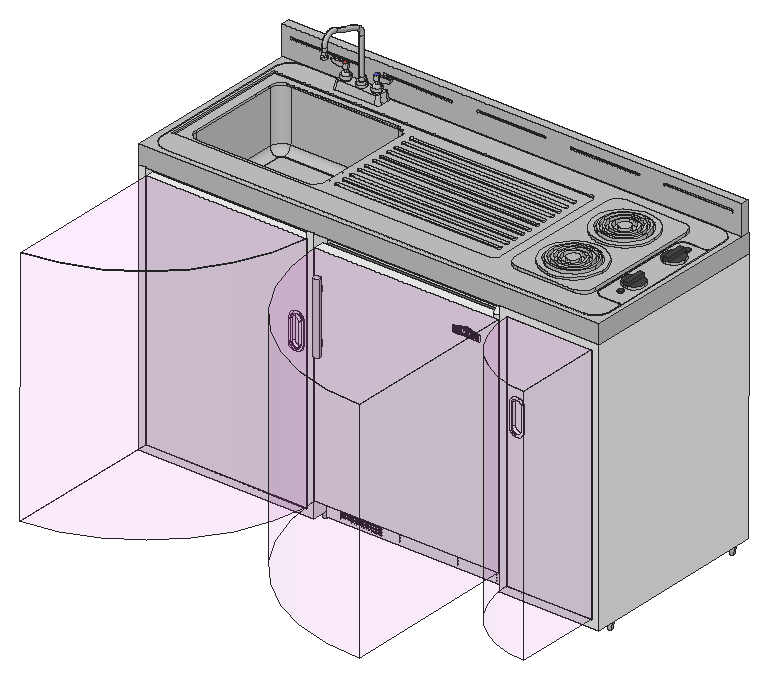
Revit family "QF_Summit_C60EL_Kitchenette", category Specialty Equipment, Revit 2020
Family settings
  Round Connector Dimension = Use Diameter
  Part Type = Normal
  Work Plane-Based = No
  Always vertical = Yes
  Cut with Voids When Loaded = No
  Shared = No
  Room Calculation Point = No
Parameters
  Weight in Pounds = 220
  Watts = Volts * FL Amps  # 2875 W
  Volts = 115 V
  URL Cutsheet = ""
  Specification by User = ""
  Specification by Manufacturer = ""
  Show LHD [instance] = no
  Show Legs [instance] = yes
  Show Clearance [instance] = yes
  Serial Number = ""
  Seismic Rating = ""
  SMACNA No = ""
  Revision Code = ""
  Refrigerant Volume = 0.00 kip
  Refrigerant Type = "R600a"
  Phase = 1
  Number of Poles = 1
  NAFEM Spec ID Number = ""
  Model = "C60EL"
  Min Ckt Ampacity = 0 A
  Max Overcurrent Protection = 0 A
  Masterspec = ""
  Manufacturer = "Summit"
  Length = 59 1/8"
  Item Number = ""
  Installed By = ""
  Identify Quantity as Lot = yes
  Height = 40"
  HP = ""
  Furnished By = ""
  Foodservice Equipment Identifier = yes
  FL Amps = 25 A
  Electrical Remarks = ""
  Electric Connection Type = ""
  Elec Conn RI Height = 0"
  Elec Conn Connection Height = 0"
  Description = "Kichenette"
  Depth = 24"
  Default Elevation = 0"
  Cycle = 60 Hz
  Conn Plug = ""
  Conn Conduit = yes
  CSI MasterFormat = ""
  BTUH = 0.0 Btu/h
  Apparent Power = if(Phase = 3, Volts * FL Amps * 1.73, Volts * FL Amps)  # 2875 VA
Reference planes (in)
  plane 1 "BACK": y = 0
  plane 2: z = 0
  plane 3 "LEFT": x = 0
  plane 4 "RIGHT": x = 59.125
  plane 5 "FRONT": y = -24
  plane 6 "TOP": z = 40
  plane 7 "Center Y": x = 29.5625
  plane 8 "Center X": y = -12
  plane 9: z = 36.25
  plane 10: z = 33.875
  plane 11: z = 1
  plane 12: z = 20.875
  plane 13: z = 45.75
  plane 14: y = -1
  plane 15: y = -44.25
  plane 16: z = 36
  plane 17: x = 22.5
  plane 18: x = 46.375
  plane 19: z = 28
Forms (in)
  Extrusion 1, solid, material "QF_Metal_Stainless_Polished", not visible
    sketch origin (-2.35752, -180, 36.125) x (-1, 0, 0) y (0, -1, 0)
      loop
        arc (-22.23899, -177.1607) -> (-21.17833, -176.72136) -> (-20.73899, -175.6607) r 1.5
        line (-20.73899, -175.6607) -> (-20.73899, -161.09285)
        arc (-20.73899, -161.09285) -> (-21.17833, -160.03219) -> (-22.23899, -159.59285) r 1.5
        line (-22.23899, -159.59285) -> (-29.49672, -159.59285)
        arc (-29.49672, -159.59285) -> (-30.55738, -160.03219) -> (-30.99672, -161.09285) r 1.5
        line (-30.99672, -161.09285) -> (-30.99672, -175.6607)
        arc (-30.99672, -175.6607) -> (-30.55738, -176.72136) -> (-29.49672, -177.1607) r 1.5
        line (-29.49672, -177.1607) -> (-22.23899, -177.1607)
    from 0 to 0.42639
  Extrusion 2, solid, material "QF_Metal_Stainless_Polished", not visible
    sketch origin (-2.35752, -180, 36.55139) x (-1, 0, 0) y (0, -1, 0)
      loop
        circle (-25.84717, -164.0404) r 3.75
      loop
        circle (-25.84717, -164.0404) r 3.14413
      loop
        circle (-25.84717, -172.3346) r 3.75
      loop
        circle (-25.84717, -172.3346) r 3.14413
    from 0 to 0.25
  Extrusion 3, solid, material "QF_Metal_Stainless_Polished", not visible
    sketch origin (-2.35752, -180, 36.80139) x (-1, 0, 0) y (0, -1, 0)
      loop
        circle (-25.84717, -164.0404) r 2.84153
      loop
        circle (-25.84717, -164.0404) r 2.64726
      loop
        circle (-25.84717, -164.0404) r 2.25
      loop
        circle (-25.84717, -164.0404) r 2
      loop
        circle (-25.84717, -164.0404) r 1.5838
      loop
        circle (-25.84717, -164.0404) r 1.34637
      loop
        circle (-25.84717, -164.0404) r 0.75
      loop
        circle (-25.84717, -172.3346) r 2.84153
      loop
        circle (-25.84717, -172.3346) r 2.64726
      loop
        circle (-25.84717, -172.3346) r 2.25
      loop
        circle (-25.84717, -172.3346) r 2
      loop
        circle (-25.84717, -172.3346) r 1.5838
      loop
        circle (-25.84717, -172.3346) r 1.34637
      loop
        circle (-25.84717, -172.3346) r 0.75
    from -0.25 to 0.25
  Extrusion 4, solid, material "QF_Metal_Stainless_Polished"
    sketch origin (-11.06091, -180, 36.25) x (-1, 0, 0) y (0, -1, 0)
      loop
        line (-11.06091, -180) -> (-11.06091, -156) -> (-70.18591, -156) -> (-70.18591, -180) -> (-11.06091, -180)
      loop
        line (-11.81091, -177) -> (-11.81091, -158.75)
        arc (-11.81091, -158.75) -> (-12.3967, -157.33579) -> (-13.81091, -156.75) r 2
        line (-13.81091, -156.75) -> (-67.43591, -156.75)
        arc (-67.43591, -156.75) -> (-68.85012, -157.33579) -> (-69.43591, -158.75) r 2
        line (-69.43591, -158.75) -> (-69.43591, -177)
        arc (-69.43591, -177) -> (-68.85012, -178.41421) -> (-67.43591, -179) r 2
        line (-67.43591, -179) -> (-13.81091, -179)
        arc (-13.81091, -179) -> (-12.3967, -178.41421) -> (-11.81091, -177) r 2
    from 0 to -2.375
  Extrusion 5, solid, material "QF_Metal_Stainless_Polished"
    sketch origin (-2.35752, -180, 36) x (-1, 0, 0) y (0, -1, 0)
      loop
        line (-3.56275, -176.20889) -> (-3.56275, -159.83389) -> (-44.18775, -159.83389)
        arc (-44.18775, -159.83389) -> (-44.89485, -160.12678) -> (-45.18775, -160.83389) r 1
        line (-45.18775, -160.83389) -> (-45.18775, -175.20889)
        arc (-45.18775, -175.20889) -> (-44.89485, -175.916) -> (-44.18775, -176.20889) r 1
        line (-44.18775, -176.20889) -> (-3.56275, -176.20889)
      loop
        line (-20.09109, -175.375) -> (-6.34109, -175.375)
        arc (-6.34109, -175.375) -> (-5.28043, -174.93566) -> (-4.84109, -173.875) r 1.5
        line (-4.84109, -173.875) -> (-4.84109, -162)
        arc (-4.84109, -162) -> (-5.28043, -160.93934) -> (-6.34109, -160.5) r 1.5
        line (-6.34109, -160.5) -> (-20.09109, -160.5)
        arc (-20.09109, -160.5) -> (-21.15175, -160.93934) -> (-21.59109, -162) r 1.5
        line (-21.59109, -162) -> (-21.59109, -173.875)
        arc (-21.59109, -173.875) -> (-21.15175, -174.93566) -> (-20.09109, -175.375) r 1.5
    from 0 to -0.25
  Extrusion 6, solid, material "QF_Metal_Stainless_Polished"
    sketch origin (-2.35752, -178, 36) x (-1, 0, 0) y (0, -1, 0)
      loop
        line (-44.18775, -174.20889) -> (-3.56275, -174.20889) -> (-3.56275, -157.83389) -> (-44.18775, -157.83389)
        arc (-44.18775, -157.83389) -> (-44.89485, -158.12678) -> (-45.18775, -158.83389) r 1
        line (-45.18775, -158.83389) -> (-45.18775, -173.20889)
        arc (-45.18775, -173.20889) -> (-44.89485, -173.916) -> (-44.18775, -174.20889) r 1
      loop
        line (-3.10752, -175) -> (-3.10752, -156.75)
        arc (-3.10752, -156.75) -> (-3.69331, -155.33579) -> (-5.10752, -154.75) r 2
        line (-5.10752, -154.75) -> (-58.73252, -154.75)
        arc (-58.73252, -154.75) -> (-60.14674, -155.33579) -> (-60.73252, -156.75) r 2
        line (-60.73252, -156.75) -> (-60.73252, -175)
        arc (-60.73252, -175) -> (-60.14674, -176.41421) -> (-58.73252, -177) r 2
        line (-58.73252, -177) -> (-5.10752, -177)
        arc (-5.10752, -177) -> (-3.69331, -176.41421) -> (-3.10752, -175) r 2
    from 0 to -0.25
  Extrusion 7, solid, material "QF_Metal_Stainless_Polished"
    sketch origin (0.14248, -180, 36) x (-1, 0, 0) y (0, -1, 0)
      loop
        arc (-20.27666, -174.49159) -> (-20.06215, -174.27708) -> (-20.27666, -174.06256) r 0.21452
        line (-20.27666, -174.06256) -> (-41.1341, -174.06256)
        arc (-41.1341, -174.06256) -> (-41.34861, -174.27708) -> (-41.1341, -174.49159) r 0.21452
        line (-41.1341, -174.49159) -> (-20.27666, -174.49159)
      loop
        arc (-20.27666, -173.24159) -> (-20.06215, -173.02708) -> (-20.27666, -172.81256) r 0.21452
        line (-20.27666, -172.81256) -> (-41.1341, -172.81256)
        arc (-41.1341, -172.81256) -> (-41.34861, -173.02708) -> (-41.1341, -173.24159) r 0.21452
        line (-41.1341, -173.24159) -> (-20.27666, -173.24159)
      loop
        arc (-20.27666, -172.05409) -> (-20.06215, -171.83958) -> (-20.27666, -171.62506) r 0.21452
        line (-20.27666, -171.62506) -> (-41.1341, -171.62506)
        arc (-41.1341, -171.62506) -> (-41.34861, -171.83958) -> (-41.1341, -172.05409) r 0.21452
        line (-41.1341, -172.05409) -> (-20.27666, -172.05409)
      loop
        arc (-20.27666, -170.86659) -> (-20.06215, -170.65208) -> (-20.27666, -170.43756) r 0.21452
        line (-20.27666, -170.43756) -> (-41.1341, -170.43756)
        arc (-41.1341, -170.43756) -> (-41.34861, -170.65208) -> (-41.1341, -170.86659) r 0.21452
        line (-41.1341, -170.86659) -> (-20.27666, -170.86659)
      loop
        arc (-20.27666, -169.67909) -> (-20.06215, -169.46458) -> (-20.27666, -169.25006) r 0.21452
        line (-20.27666, -169.25006) -> (-41.1341, -169.25006)
        arc (-41.1341, -169.25006) -> (-41.34861, -169.46458) -> (-41.1341, -169.67909) r 0.21452
        line (-41.1341, -169.67909) -> (-20.27666, -169.67909)
      loop
        arc (-20.27666, -168.55409) -> (-20.06215, -168.33958) -> (-20.27666, -168.12506) r 0.21452
        line (-20.27666, -168.12506) -> (-41.1341, -168.12506)
        arc (-41.1341, -168.12506) -> (-41.34861, -168.33958) -> (-41.1341, -168.55409) r 0.21452
        line (-41.1341, -168.55409) -> (-20.27666, -168.55409)
      loop
        arc (-20.27666, -167.30409) -> (-20.06215, -167.08958) -> (-20.27666, -166.87506) r 0.21452
        line (-20.27666, -166.87506) -> (-41.1341, -166.87506)
        arc (-41.1341, -166.87506) -> (-41.34861, -167.08958) -> (-41.1341, -167.30409) r 0.21452
        line (-41.1341, -167.30409) -> (-20.27666, -167.30409)
      loop
        arc (-20.27666, -166.17909) -> (-20.06215, -165.96458) -> (-20.27666, -165.75006) r 0.21452
        line (-20.27666, -165.75006) -> (-41.1341, -165.75006)
        arc (-41.1341, -165.75006) -> (-41.34861, -165.96458) -> (-41.1341, -166.17909) r 0.21452
        line (-41.1341, -166.17909) -> (-20.27666, -166.17909)
      loop
        arc (-20.27666, -164.92909) -> (-20.06215, -164.71458) -> (-20.27666, -164.50006) r 0.21452
        line (-20.27666, -164.50006) -> (-41.1341, -164.50006)
        arc (-41.1341, -164.50006) -> (-41.34861, -164.71458) -> (-41.1341, -164.92909) r 0.21452
        line (-41.1341, -164.92909) -> (-20.27666, -164.92909)
      loop
        arc (-20.27666, -163.74159) -> (-20.06215, -163.52708) -> (-20.27666, -163.31256) r 0.21452
        line (-20.27666, -163.31256) -> (-41.1341, -163.31256)
        arc (-41.1341, -163.31256) -> (-41.34861, -163.52708) -> (-41.1341, -163.74159) r 0.21452
        line (-41.1341, -163.74159) -> (-20.27666, -163.74159)
      loop
        arc (-20.27666, -162.55409) -> (-20.06215, -162.33958) -> (-20.27666, -162.12506) r 0.21452
        line (-20.27666, -162.12506) -> (-41.1341, -162.12506)
        arc (-41.1341, -162.12506) -> (-41.34861, -162.33958) -> (-41.1341, -162.55409) r 0.21452
        line (-41.1341, -162.55409) -> (-20.27666, -162.55409)
    from 0 to 0.0625
  Extrusion 8, solid, material "QF_Metal_Stainless_Polished"
    sketch origin (-11.06091, -180, 36.25) x (-1, 0, 0) y (0, -1, 0)
      loop
        line (-11.06091, -180) -> (-11.06091, -179) -> (-70.18591, -179) -> (-70.18591, -180) -> (-11.06091, -180)
    from 0 to 3.75
  Sweep 9, solid, material "QF_Metal_Stainless_Polished"
    path origin (0, 0, 0) x (1, 0, 0) y (0, 1, 0)
      loop
        arc (2.48357, -18) -> (2.92291, -19.06066) -> (3.98357, -19.5) r 1.5
        line (3.98357, -19.5) -> (17.73357, -19.5)
        arc (17.73357, -19.5) -> (18.79423, -19.06066) -> (19.23357, -18) r 1.5
        line (19.23357, -18) -> (19.23357, -6.125)
        arc (19.23357, -6.125) -> (18.79423, -5.06434) -> (17.73357, -4.625) r 1.5
        line (17.73357, -4.625) -> (3.98357, -4.625)
        arc (3.98357, -4.625) -> (2.92291, -5.06434) -> (2.48357, -6.125) r 1.5
        line (2.48357, -6.125) -> (2.48357, -18)
    profile origin (2.48357, -12.0625, 0) x (-1, 0, 0) y (0, 0, 1)
      loop
        line (0, 35.875) -> (0, 29.0625)
        arc (0, 29.0625) -> (-0.29289, 28.35539) -> (-1, 28.0625) r 1
        line (-1, 28.0625) -> (-1, 28)
        arc (-1, 28) -> (-0.2487, 28.3112) -> (0.0625, 29.0625) r 1.0625
        line (0.0625, 29.0625) -> (0.0625, 35.875) -> (0, 35.875)
  Extrusion 10, void
    sketch origin (47.25, -1, 36.25) x (-1, 0, 0) y (0, 0, -1)
      loop
        arc (21.99608, -2.70577) -> (22.16796, -2.5339) -> (21.99608, -2.36202) r 0.17188
        line (21.99608, -2.36202) -> (13.37892, -2.36202)
        arc (13.37892, -2.36202) -> (13.20704, -2.5339) -> (13.37892, -2.70577) r 0.17188
        line (13.37892, -2.70577) -> (21.99608, -2.70577)
      loop
        arc (-2.03206, -2.70577) -> (-1.86018, -2.5339) -> (-2.03206, -2.36202) r 0.17188
        line (-2.03206, -2.36202) -> (-10.64922, -2.36202)
        arc (-10.64922, -2.36202) -> (-10.8211, -2.5339) -> (-10.64922, -2.70577) r 0.17188
        line (-10.64922, -2.70577) -> (-2.03206, -2.70577)
      loop
        arc (9.98201, -2.70577) -> (10.15389, -2.5339) -> (9.98201, -2.36202) r 0.17188
        line (9.98201, -2.36202) -> (1.36485, -2.36202)
        arc (1.36485, -2.36202) -> (1.19297, -2.5339) -> (1.36485, -2.70577) r 0.17188
        line (1.36485, -2.70577) -> (9.98201, -2.70577)
      loop
        line (37.40706, -2.70577) -> (46.02422, -2.70577)
        arc (46.02422, -2.70577) -> (46.1961, -2.5339) -> (46.02422, -2.36202) r 0.17188
        line (46.02422, -2.36202) -> (37.40706, -2.36202)
        arc (37.40706, -2.36202) -> (37.23518, -2.5339) -> (37.40706, -2.70577) r 0.17188
      loop
        line (25.39299, -2.70577) -> (34.01015, -2.70577)
        arc (34.01015, -2.70577) -> (34.18203, -2.5339) -> (34.01015, -2.36202) r 0.17188
        line (34.01015, -2.36202) -> (25.39299, -2.36202)
        arc (25.39299, -2.36202) -> (25.22111, -2.5339) -> (25.39299, -2.70577) r 0.17188
    from 0.25 to -0.25
  Extrusion 11, solid, material "QF_Plastic_White_Smooth"
    sketch origin (-11.06091, -180, 1) x (-1, 0, 0) y (0, -1, 0)
      loop
        line (-11.06091, -180) -> (-11.06091, -156) -> (-11.93591, -156) -> (-11.93591, -179.125) -> (-32.68591, -179.125) -> (-32.68591, -156) -> (-33.56091, -156) -> (-33.56091, -180) -> (-11.06091, -180)
      loop
        line (-58.31091, -156) -> (-58.31091, -179.125) -> (-69.31091, -179.125) -> (-69.31091, -156) -> (-70.18591, -156) -> (-70.18591, -180) -> (-57.43591, -180) -> (-57.43591, -156) -> (-58.31091, -156)
    from 0 to 32.875
  Extrusion 12, solid, material "QF_Plastic_White_Smooth"
    sketch origin (0.875, -0.875, 1) x (1, 0, 0) y (0, 0, 1)
      loop
        line (0, 0) -> (20.75, 0) -> (20.75, 0.875) -> (0, 0.875) -> (0, 0)
    from 0 to 23.125
  Extrusion 13, solid, material "QF_Plastic_White_Smooth"
    sketch origin (0.875, -24, 1) x (-1, 0, 0) y (0, 0, -1)
      loop
        line (-0.0625, -0.9375) -> (-20.6875, -0.9375) -> (-20.6875, -31.9375) -> (-0.0625, -31.9375) -> (-0.0625, -0.9375)
    from 0 to -1
  Extrusion 14, void
    sketch origin (13.75, -24, 1) x (-1, 0, 0) y (0, 0, -1)
      loop
        arc (-5.85467, -19.50639) -> (-6.51553, -18.84553) -> (-7.17639, -19.50639) r 0.66086
        line (-7.17639, -19.50639) -> (-7.17639, -22.2536)
        arc (-7.17639, -22.2536) -> (-6.51553, -22.91446) -> (-5.85467, -22.2536) r 0.66086
        line (-5.85467, -22.2536) -> (-5.85467, -19.50639)
    from 0.5 to -0.5009
  Extrusion 15, solid, material "QF_Plastic_White_Smooth"
    sketch origin (13.75, -24, 1) x (-1, 0, 0) y (0, 0, -1)
      loop
        arc (-7.17639, -22.2536) -> (-6.51553, -22.91446) -> (-5.85467, -22.2536) r 0.66086
        line (-5.85467, -22.2536) -> (-5.85467, -19.50639)
        arc (-5.85467, -19.50639) -> (-6.51553, -18.84553) -> (-7.17639, -19.50639) r 0.66086
        line (-7.17639, -19.50639) -> (-7.17639, -22.2536)
      loop
        arc (-7.42639, -22.2536) -> (-6.51553, -23.16446) -> (-5.60467, -22.2536) r 0.91086
        line (-5.60467, -22.2536) -> (-5.60467, -19.50639)
        arc (-5.60467, -19.50639) -> (-6.51553, -18.59553) -> (-7.42639, -19.50639) r 0.91086
        line (-7.42639, -19.50639) -> (-7.42639, -22.2536)
    from 0 to 0.0625
  Extrusion 16, solid, material "QF_Metal_Stainless_Polished"
    sketch origin (4.52411, 0, 36.25) x (1, 0, 0) y (0, 0, -1)
      loop
        circle (52.60573, 33.21044) r 0.125
    from 0 to 0.25
  Revolve 17, solid, material "QF_Metal_Stainless_Polished", visible <- "Show Legs"
    sketch origin (0, -2, 0) x (1, 0, 0) y (0, 0, 1)
      loop
        line (46.8125, 1) -> (46.8125, 0) -> (47.03274, 0) -> (47.19216, 1) -> (46.8125, 1)
      axis (46.8125, 1) -> (46.8125, 0)
    angle from 0 to 360
  Revolve 18, solid, material "QF_Metal_Stainless_Polished", visible <- "Show Legs"
    sketch origin (0, -21.625, 0) x (1, 0, 0) y (0, 0, 1)
      loop
        line (46.8125, 1) -> (46.8125, 0) -> (47.03274, 0) -> (47.19216, 1) -> (46.8125, 1)
      axis (46.8125, 1) -> (46.8125, 0)
    angle from 0 to 360
  Revolve 19, solid, material "QF_Metal_Stainless_Polished", visible <- "Show Legs"
    sketch origin (-29.125, -2, 0) x (1, 0, 0) y (0, 0, 1)
      loop
        line (29.5625, 1) -> (29.5625, 0) -> (29.78274, 0) -> (29.94216, 1) -> (29.5625, 1)
      axis (29.5625, 1) -> (29.5625, 0)
    angle from 0 to 360
  Revolve 20, solid, material "QF_Metal_Stainless_Polished", visible <- "Show Legs"
    sketch origin (-29.125, -21.625, 0) x (1, 0, 0) y (0, 0, 1)
      loop
        line (29.5625, 1) -> (29.5625, 0) -> (29.78274, 0) -> (29.94216, 1) -> (29.5625, 1)
      axis (29.5625, 1) -> (29.5625, 0)
    angle from 0 to 360
  Extrusion 21, solid, material "QF_Metal_Stainless_Polished"
    sketch origin (-2.35752, -178, 36) x (-1, 0, 0) y (0, -1, 0)
      loop
        arc (-5.10752, -177) -> (-3.69331, -176.41421) -> (-3.10752, -175) r 2
        line (-3.10752, -175) -> (-3.10752, -156.75)
        arc (-3.10752, -156.75) -> (-3.69331, -155.33579) -> (-5.10752, -154.75) r 2
        line (-5.10752, -154.75) -> (-58.73252, -154.75)
        arc (-58.73252, -154.75) -> (-60.14674, -155.33579) -> (-60.73252, -156.75) r 2
        line (-60.73252, -156.75) -> (-60.73252, -158.09658)
        arc (-60.73252, -158.09658) -> (-60.58608, -158.45013) -> (-60.23252, -158.59658) r 0.5
        line (-60.23252, -158.59658) -> (-58.14422, -158.59658)
        arc (-58.14422, -158.59658) -> (-57.43711, -158.88947) -> (-57.14422, -159.59658) r 1
        line (-57.14422, -159.59658) -> (-57.14422, -171.59653)
        arc (-57.14422, -171.59653) -> (-57.43711, -172.30364) -> (-58.14422, -172.59653) r 1
        line (-58.14422, -172.59653) -> (-60.23252, -172.59653)
        arc (-60.23252, -172.59653) -> (-60.58608, -172.74298) -> (-60.73252, -173.09653) r 0.5
        line (-60.73252, -173.09653) -> (-60.73252, -175)
        arc (-60.73252, -175) -> (-60.14674, -176.41421) -> (-58.73252, -177) r 2
        line (-58.73252, -177) -> (-5.10752, -177)
      loop
        line (-3.56275, -174.20889) -> (-3.56275, -157.83389) -> (-44.18775, -157.83389)
        arc (-44.18775, -157.83389) -> (-44.89485, -158.12678) -> (-45.18775, -158.83389) r 1
        line (-45.18775, -158.83389) -> (-45.18775, -173.20889)
        arc (-45.18775, -173.20889) -> (-44.89485, -173.916) -> (-44.18775, -174.20889) r 1
        line (-44.18775, -174.20889) -> (-3.56275, -174.20889)
      loop
        arc (-48.13649, -175.1607) -> (-47.07583, -174.72136) -> (-46.63649, -173.6607) r 1.5
        line (-46.63649, -173.6607) -> (-46.63649, -159.09285)
        arc (-46.63649, -159.09285) -> (-47.07583, -158.03219) -> (-48.13649, -157.59285) r 1.5
        line (-48.13649, -157.59285) -> (-55.39422, -157.59285)
        arc (-55.39422, -157.59285) -> (-56.45488, -158.03219) -> (-56.89422, -159.09285) r 1.5
        line (-56.89422, -159.09285) -> (-56.89422, -173.6607)
        arc (-56.89422, -173.6607) -> (-56.45488, -174.72136) -> (-55.39422, -175.1607) r 1.5
        line (-55.39422, -175.1607) -> (-48.13649, -175.1607)
    from 0 to 0.25
  Extrusion 22, solid, material "QF_Metal_Stainless_Polished"
    sketch origin (-10.31091, -180, 28.8125) x (0, -1, 0) y (-1, 0, 0)
      loop
        arc (-174.375, -28.04448) -> (-174.22855, -28.39804) -> (-173.875, -28.54448) r 0.5
        line (-173.875, -28.54448) -> (-162, -28.54448)
        arc (-162, -28.54448) -> (-161.64645, -28.39804) -> (-161.5, -28.04448) r 0.5
        line (-161.5, -28.04448) -> (-161.5, -14.29448)
        arc (-161.5, -14.29448) -> (-161.64645, -13.94093) -> (-162, -13.79448) r 0.5
        line (-162, -13.79448) -> (-173.875, -13.79448)
        arc (-173.875, -13.79448) -> (-174.22855, -13.94093) -> (-174.375, -14.29448) r 0.5
        line (-174.375, -14.29448) -> (-174.375, -28.04448)
      loop
        circle (-167.9375, -21.16948) r 1
    from 0.8125 to 0.75
  Extrusion 23, solid, material "QF_Metal_Stainless_Polished"
    sketch origin (0.64248, -178, 36) x (-1, 0, 0) y (0, -1, 0)
      loop
        arc (-54.14422, -159.59658) -> (-54.43711, -158.88947) -> (-55.14422, -158.59658) r 1
        line (-55.14422, -158.59658) -> (-57.23252, -158.59658)
        arc (-57.23252, -158.59658) -> (-57.58608, -158.45013) -> (-57.73252, -158.09658) r 0.5
        line (-57.73252, -158.09658) -> (-57.73252, -173.09653)
        arc (-57.73252, -173.09653) -> (-57.58608, -172.74298) -> (-57.23252, -172.59653) r 0.5
        line (-57.23252, -172.59653) -> (-55.14422, -172.59653)
        arc (-55.14422, -172.59653) -> (-54.43711, -172.30364) -> (-54.14422, -171.59653) r 1
        line (-54.14422, -171.59653) -> (-54.14422, -159.59658)
    from 0 to 0.25
  Extrusion 24, solid, material "QF_Metal_Stainless_Polished"
    sketch origin (19.51748, -180, 36) x (-1, 0, 0) y (0, -1, 0)
      loop
        line (-35.01922, -156.75) -> (-36.85752, -156.75)
        arc (-36.85752, -156.75) -> (-38.27174, -157.33579) -> (-38.85752, -158.75) r 2
        line (-38.85752, -158.75) -> (-38.85752, -160.09658)
        arc (-38.85752, -160.09658) -> (-38.71108, -160.45013) -> (-38.35752, -160.59658) r 0.5
        line (-38.35752, -160.59658) -> (-36.26922, -160.59658)
        arc (-36.26922, -160.59658) -> (-35.56211, -160.88947) -> (-35.26922, -161.59658) r 1
        line (-35.26922, -161.59658) -> (-35.26922, -173.59653)
        arc (-35.26922, -173.59653) -> (-35.56211, -174.30364) -> (-36.26922, -174.59653) r 1
        line (-36.26922, -174.59653) -> (-38.35752, -174.59653)
        arc (-38.35752, -174.59653) -> (-38.71108, -174.74298) -> (-38.85752, -175.09653) r 0.5
        line (-38.85752, -175.09653) -> (-38.85752, -177)
        arc (-38.85752, -177) -> (-38.27174, -178.41421) -> (-36.85752, -179) r 2
        line (-36.85752, -179) -> (-35.01922, -179) -> (-35.01922, -156.75)
    from 0 to -0.25
  Revolve 25, solid, material "QF_Metal_Stainless_Polished", visible <- "Show Legs"
    sketch origin (-16.5, -2, 0) x (1, 0, 0) y (0, 0, 1)
      loop
        line (38.5625, 1) -> (38.5625, 0) -> (38.78274, 0) -> (38.94216, 1) -> (38.5625, 1)
      axis (38.5625, 1) -> (38.5625, 0)
    angle from 0 to 360
  Revolve 26, solid, material "QF_Metal_Stainless_Polished", visible <- "Show Legs"
    sketch origin (-16.5, -21.625, 0) x (1, 0, 0) y (0, 0, 1)
      loop
        line (38.5625, 1) -> (38.5625, 0) -> (38.78274, 0) -> (38.94216, 1) -> (38.5625, 1)
      axis (38.5625, 1) -> (38.5625, 0)
    angle from 0 to 360
  Extrusion 27, solid, material "QF_Metal_Stainless_Polished"
    sketch origin (23.53998, -180, 36.125) x (-1, 0, 0) y (0, -1, 0)
      loop
        arc (-22.23899, -177.1607) -> (-21.17833, -176.72136) -> (-20.73899, -175.6607) r 1.5
        line (-20.73899, -175.6607) -> (-20.73899, -161.09285)
        arc (-20.73899, -161.09285) -> (-21.17833, -160.03219) -> (-22.23899, -159.59285) r 1.5
        line (-22.23899, -159.59285) -> (-29.49672, -159.59285)
        arc (-29.49672, -159.59285) -> (-30.55738, -160.03219) -> (-30.99672, -161.09285) r 1.5
        line (-30.99672, -161.09285) -> (-30.99672, -175.6607)
        arc (-30.99672, -175.6607) -> (-30.55738, -176.72136) -> (-29.49672, -177.1607) r 1.5
        line (-29.49672, -177.1607) -> (-22.23899, -177.1607)
    from 0 to 0.42639
  Extrusion 28, solid, material "QF_Metal_Stainless_Polished"
    sketch origin (23.53998, -180, 36.55139) x (-1, 0, 0) y (0, -1, 0)
      loop
        circle (-25.84717, -164.0404) r 3.75
      loop
        circle (-25.84717, -164.0404) r 3.14413
      loop
        circle (-25.84717, -172.3346) r 3.75
      loop
        circle (-25.84717, -172.3346) r 3.14413
    from 0 to 0.25
  Extrusion 29, solid, material "QF_Metal_Stainless_Polished"
    sketch origin (23.53998, -180, 36.80139) x (-1, 0, 0) y (0, -1, 0)
      loop
        circle (-25.84717, -164.0404) r 2.84153
      loop
        circle (-25.84717, -164.0404) r 2.64726
      loop
        circle (-25.84717, -164.0404) r 2.25
      loop
        circle (-25.84717, -164.0404) r 2
      loop
        circle (-25.84717, -164.0404) r 1.5838
      loop
        circle (-25.84717, -164.0404) r 1.34637
      loop
        circle (-25.84717, -164.0404) r 0.75
      loop
        circle (-25.84717, -172.3346) r 2.84153
      loop
        circle (-25.84717, -172.3346) r 2.64726
      loop
        circle (-25.84717, -172.3346) r 2.25
      loop
        circle (-25.84717, -172.3346) r 2
      loop
        circle (-25.84717, -172.3346) r 1.5838
      loop
        circle (-25.84717, -172.3346) r 1.34637
      loop
        circle (-25.84717, -172.3346) r 0.75
    from -0.25 to 0.25
  Extrusion 30, solid, material "QF_Metal_Stainless_Polished"
    sketch origin (0.14248, -178, 36.25) x (-1, 0, 0) y (0, -1, 0)
      loop
        circle (-56.47665, -169.23461) r 1.31391
      loop
        circle (-56.47665, -162.76539) r 1.31391
    from 0 to 0.25
  Extrusion 31, solid, material "QF_Plastic_Black_Smooth"
    sketch origin (0.14248, -178, 36.5) x (-1, 0, 0) y (0, -1, 0)
      loop
        line (-56.21103, -170.52139) -> (-56.21103, -167.94783)
        arc (-56.21103, -167.94783) -> (-56.47665, -167.9207) -> (-56.74228, -167.94783) r 1.31391
        line (-56.74228, -167.94783) -> (-56.74228, -170.52139)
        arc (-56.74228, -170.52139) -> (-56.47665, -170.54852) -> (-56.21103, -170.52139) r 1.31391
      loop
        line (-56.21103, -164.05217) -> (-56.21103, -161.47861)
        arc (-56.21103, -161.47861) -> (-56.47665, -161.45148) -> (-56.74228, -161.47861) r 1.31391
        line (-56.74228, -161.47861) -> (-56.74228, -164.05217)
        arc (-56.74228, -164.05217) -> (-56.47665, -164.0793) -> (-56.21103, -164.05217) r 1.31391
    from 0 to 0.5
  Extrusion 32, solid, material "QF_Plastic_Black_Smooth"
    sketch origin (0.14248, -178, 36.25) x (-1, 0, 0) y (0, -1, 0)
      loop
        circle (-56.46353, -171.35138) r 0.34597
      loop
        circle (-56.46353, -160.64862) r 0.34597
    from 0 to 0.0625
  Extrusion 33, solid, material "QF_Clearances_Door_Drawer", visible <- "Show Clearance"
    sketch origin (17.8125, -24, 1.9375) x (0, 1, 0) y (1, 0, 0)
      loop
        line (0, -16.875) -> (0, 3.75)
        arc (0, 3.75) -> (-13.90828, -2.84801) -> (-20.25, -16.875) r 22.34781
        line (-20.25, -16.875) -> (0, -16.875)
    from 0 to -31
  Extrusion 34, solid, material "QF_Plastic_White_Smooth"
    sketch origin (58.25, -0.875, 1) x (-1, 0, 0) y (0, 0, -1)
      loop
        line (0, 0) -> (0, -0.875) -> (11, -0.875) -> (11, 0) -> (0, 0)
    from 0 to 23.125
  Extrusion 35, solid, material "QF_Plastic_White_Smooth"
    sketch origin (58.25, -24, 1) x (1, 0, 0) y (0, 0, 1)
      loop
        line (0, 32.875) -> (-11, 32.875) -> (-11, 32) -> (0, 32) -> (0, 32.875)
    from 0 to -1
  Extrusion 36, solid, material "QF_Plastic_White_Smooth"
    sketch origin (68, -24, 1) x (1, 0, 0) y (0, 0, 1)
      loop
        line (-9.8125, 0.9375) -> (-9.8125, 31.9375) -> (-20.6875, 31.9375) -> (-20.6875, 0.9375) -> (-9.8125, 0.9375)
    from 0 to -1
  Extrusion 37, void
    sketch origin (55.125, -24, 1) x (1, 0, 0) y (0, 0, 1)
      loop
        line (-5.85467, 19.50639) -> (-5.85467, 22.2536)
        arc (-5.85467, 22.2536) -> (-6.51553, 22.91446) -> (-7.17639, 22.2536) r 0.66086
        line (-7.17639, 22.2536) -> (-7.17639, 19.50639)
        arc (-7.17639, 19.50639) -> (-6.51553, 18.84553) -> (-5.85467, 19.50639) r 0.66086
    from 0.5 to -0.5009
  Extrusion 38, solid, material "QF_Plastic_White_Smooth"
    sketch origin (55.125, -24, 1) x (1, 0, 0) y (0, 0, 1)
      loop
        line (-7.17639, 22.2536) -> (-7.17639, 19.50639)
        arc (-7.17639, 19.50639) -> (-6.51553, 18.84553) -> (-5.85467, 19.50639) r 0.66086
        line (-5.85467, 19.50639) -> (-5.85467, 22.2536)
        arc (-5.85467, 22.2536) -> (-6.51553, 22.91446) -> (-7.17639, 22.2536) r 0.66086
      loop
        line (-7.42639, 22.2536) -> (-7.42639, 19.50639)
        arc (-7.42639, 19.50639) -> (-6.51553, 18.59553) -> (-5.60467, 19.50639) r 0.91086
        line (-5.60467, 19.50639) -> (-5.60467, 22.2536)
        arc (-5.60467, 22.2536) -> (-6.51553, 23.16446) -> (-7.42639, 22.2536) r 0.91086
    from 0 to 0.0625
  Revolve 39, solid, material "QF_Metal_Stainless_Polished", visible <- "Show Legs"
    sketch origin (11.875, -2, 0) x (1, 0, 0) y (0, 0, 1)
      loop
        line (46.8125, 1) -> (46.8125, 0) -> (47.03274, 0) -> (47.19216, 1) -> (46.8125, 1)
      axis (46.8125, 1) -> (46.8125, 0)
    angle from 0 to 360
  Revolve 40, solid, material "QF_Metal_Stainless_Polished", visible <- "Show Legs"
    sketch origin (11.875, -21.625, 0) x (1, 0, 0) y (0, 0, 1)
      loop
        line (46.8125, 1) -> (46.8125, 0) -> (47.03274, 0) -> (47.19216, 1) -> (46.8125, 1)
      axis (46.8125, 1) -> (46.8125, 0)
    angle from 0 to 360
  Extrusion 41, solid, material "QF_Clearances_Door_Drawer", visible <- "Show Clearance"
    sketch origin (51.0625, -24, 1.9375) x (0, -1, 0) y (-1, 0, 0)
      loop
        line (0, -7.125) -> (10.875, -7.125)
        arc (10.875, -7.125) -> (7.68979, 0.56479) -> (0, 3.75) r 10.875
        line (0, 3.75) -> (0, -7.125)
    from 0 to -31
  Extrusion 42, solid, material "QF_Plastic_White_Smooth"
    sketch origin (0, 0, 1) x (1, 0, 0) y (0, 0, -1)
      loop
        line (22.5, -4.75) -> (46.375, -4.75) -> (46.375, 0) -> (22.5, 0) -> (22.5, -4.75)
      loop
        line (46.375, -28.125) -> (22.5, -28.125) -> (22.5, -32.875) -> (46.375, -32.875) -> (46.375, -28.125)
    from 0 to -0.875
Cuts and joins
  Extrusion 10 cuts Extrusion 8
  Extrusion 14, Extrusion 37 cuts Extrusion 13
  Extrusion 14, Extrusion 37 cuts Extrusion 15
  Extrusion 14, Extrusion 37 cuts Extrusion 33
  joined: Extrusion 11, Extrusion 12, Extrusion 34, Extrusion 35, Extrusion 42
  Extrusion 37 cuts Extrusion 36
  Extrusion 37 cuts Extrusion 38
Lines and regions (in)
  symbolic lines
    curve 1: line (0, 0, 0) -> (0, -24, 0)
    curve 2: line (59.125, 0, 0) -> (0, 0, 0)
    curve 3: line (0, -1, 0) -> (59.125, -1, 0)
    curve 4: line (0, -24, 0) -> (59.125, -24, 0)
    curve 5: arc (0.75, -21.25, 0) -> (1.33579, -22.66421, 0) -> (2.75, -23.25, 0) r 2
    curve 6: line (2.75, -23.25, 0) -> (56.375, -23.25, 0)
    curve 7: arc (2.75, -1, 0) -> (1.33579, -1.58579, 0) -> (0.75, -3, 0) r 2
    curve 8: line (0.75, -3, 0) -> (0.75, -21.25, 0)
    curve 9: line (1.20523, -20.16611, 0) -> (1.20523, -3.79111, 0)
    curve 10: line (1.20523, -3.79111, 0) -> (10.67337, -3.79111, 0)
    curve 11: line (41.83023, -20.16611, 0) -> (1.20523, -20.16611, 0)
    curve 12: arc (3.98357, -19.5, 0) -> (2.92291, -19.06066, 0) -> (2.48357, -18, 0) r 1.5
    curve 13: line (2.48357, -18, 0) -> (2.48357, -6.125, 0)
    curve 14: arc (2.48357, -6.125, 0) -> (2.92291, -5.06434, 0) -> (3.98357, -4.625, 0) r 1.5
    curve 15: line (3.98357, -4.625, 0) -> (10.67337, -4.625, 0)
    curve 16: arc (17.73357, -4.625, 0) -> (18.79423, -5.06434, 0) -> (19.23357, -6.125, 0) r 1.5
    curve 17: line (19.23357, -6.125, 0) -> (19.23357, -18, 0)
    curve 18: arc (19.23357, -18, 0) -> (18.79423, -19.06066, 0) -> (17.73357, -19.5, 0) r 1.5
    curve 19: line (17.73357, -19.5, 0) -> (3.98357, -19.5, 0)
    curve 20: arc (3.48357, -18, 0) -> (3.63002, -18.35355, 0) -> (3.98357, -18.5, 0) r 0.5
    curve 21: line (3.98357, -18.5, 0) -> (17.73357, -18.5, 0)
    curve 22: arc (17.73357, -18.5, 0) -> (18.08713, -18.35355, 0) -> (18.23357, -18, 0) r 0.5
    curve 23: line (18.23357, -18, 0) -> (18.23357, -6.125, 0)
    curve 24: arc (18.23357, -6.125, 0) -> (18.08713, -5.77145, 0) -> (17.73357, -5.625, 0) r 0.5
    curve 25: line (17.73357, -5.625, 0) -> (11.29837, -5.625, 0)
    curve 26: arc (3.98357, -5.625, 0) -> (3.63002, -5.77145, 0) -> (3.48357, -6.125, 0) r 0.5
    curve 27: line (3.48357, -6.125, 0) -> (3.48357, -18, 0)
    curve 28: arc (10.85857, -13.0625, 0) -> (9.85857, -12.0625, 0) -> (10.85857, -11.0625, 0) r 1
    curve 29: arc (10.85857, -13.0625, 0) -> (11.85857, -12.0625, 0) -> (10.85857, -11.0625, 0) r 1
    curve 30: line (20.41914, -5.93744, 0) -> (41.27658, -5.93744, 0)
    curve 31: line (41.27658, -5.50841, 0) -> (20.41914, -5.50841, 0)
    curve 32: arc (20.41914, -5.50841, 0) -> (20.20463, -5.72292, 0) -> (20.41914, -5.93744, 0) r 0.21452
    curve 33: line (41.27658, -6.75841, 0) -> (20.41914, -6.75841, 0)
    curve 34: arc (20.41914, -6.75841, 0) -> (20.20463, -6.97292, 0) -> (20.41914, -7.18744, 0) r 0.21452
    curve 35: line (20.41914, -7.18744, 0) -> (41.27658, -7.18744, 0)
    curve 36: line (41.27658, -7.94591, 0) -> (20.41914, -7.94591, 0)
    curve 37: arc (20.41914, -7.94591, 0) -> (20.20463, -8.16042, 0) -> (20.41914, -8.37494, 0) r 0.21452
    curve 38: line (20.41914, -8.37494, 0) -> (41.27658, -8.37494, 0)
    curve 39: line (41.27658, -9.13341, 0) -> (20.41914, -9.13341, 0)
    curve 40: arc (20.41914, -9.13341, 0) -> (20.20463, -9.34792, 0) -> (20.41914, -9.56244, 0) r 0.21452
    curve 41: line (20.41914, -9.56244, 0) -> (41.27658, -9.56244, 0)
    curve 42: line (41.27658, -10.32091, 0) -> (20.41914, -10.32091, 0)
    curve 43: arc (20.41914, -10.32091, 0) -> (20.20463, -10.53542, 0) -> (20.41914, -10.74994, 0) r 0.21452
    curve 44: line (20.41914, -10.74994, 0) -> (41.27658, -10.74994, 0)
    curve 45: line (41.27658, -11.44591, 0) -> (20.41914, -11.44591, 0)
    curve 46: arc (20.41914, -11.44591, 0) -> (20.20463, -11.66042, 0) -> (20.41914, -11.87494, 0) r 0.21452
    curve 47: line (20.41914, -11.87494, 0) -> (41.27658, -11.87494, 0)
    curve 48: line (41.27658, -12.69591, 0) -> (20.41914, -12.69591, 0)
    curve 49: arc (20.41914, -12.69591, 0) -> (20.20463, -12.91042, 0) -> (20.41914, -13.12494, 0) r 0.21452
    curve 50: line (20.41914, -13.12494, 0) -> (41.27658, -13.12494, 0)
    curve 51: line (41.27658, -13.82091, 0) -> (20.41914, -13.82091, 0)
    curve 52: arc (20.41914, -13.82091, 0) -> (20.20463, -14.03542, 0) -> (20.41914, -14.24994, 0) r 0.21452
    curve 53: line (20.41914, -14.24994, 0) -> (41.27658, -14.24994, 0)
    curve 54: line (41.27658, -15.07091, 0) -> (20.41914, -15.07091, 0)
    curve 55: arc (20.41914, -15.07091, 0) -> (20.20463, -15.28542, 0) -> (20.41914, -15.49994, 0) r 0.21452
    curve 56: line (20.41914, -15.49994, 0) -> (41.27658, -15.49994, 0)
    curve 57: line (41.27658, -16.25841, 0) -> (20.41914, -16.25841, 0)
    curve 58: arc (20.41914, -16.25841, 0) -> (20.20463, -16.47292, 0) -> (20.41914, -16.68744, 0) r 0.21452
    curve 59: line (20.41914, -16.68744, 0) -> (41.27658, -16.68744, 0)
    curve 60: line (41.27658, -17.44591, 0) -> (20.41914, -17.44591, 0)
    curve 61: arc (20.41914, -17.44591, 0) -> (20.20463, -17.66042, 0) -> (20.41914, -17.87494, 0) r 0.21452
    curve 62: line (20.41914, -17.87494, 0) -> (41.27658, -17.87494, 0)
    curve 63: line (11.29837, -4.625, 0) -> (17.73357, -4.625, 0)
    curve 64: line (10.67337, -5.625, 0) -> (3.98357, -5.625, 0)
    curve 67: arc (41.27658, -5.93744, 0) -> (41.49109, -5.72292, 0) -> (41.27658, -5.50841, 0) r 0.21452
    curve 68: arc (41.27658, -7.18744, 0) -> (41.49109, -6.97292, 0) -> (41.27658, -6.75841, 0) r 0.21452
    curve 69: arc (41.27658, -8.37494, 0) -> (41.49109, -8.16042, 0) -> (41.27658, -7.94591, 0) r 0.21452
    curve 70: arc (41.27658, -9.56244, 0) -> (41.49109, -9.34792, 0) -> (41.27658, -9.13341, 0) r 0.21452
    curve 71: arc (41.27658, -10.74994, 0) -> (41.49109, -10.53542, 0) -> (41.27658, -10.32091, 0) r 0.21452
    curve 72: arc (41.27658, -11.87494, 0) -> (41.49109, -11.66042, 0) -> (41.27658, -11.44591, 0) r 0.21452
    curve 73: arc (41.27658, -13.12494, 0) -> (41.49109, -12.91042, 0) -> (41.27658, -12.69591, 0) r 0.21452
    curve 74: arc (41.27658, -14.24994, 0) -> (41.49109, -14.03542, 0) -> (41.27658, -13.82091, 0) r 0.21452
    curve 75: arc (41.27658, -15.49994, 0) -> (41.49109, -15.28542, 0) -> (41.27658, -15.07091, 0) r 0.21452
    curve 76: arc (41.27658, -16.68744, 0) -> (41.49109, -16.47292, 0) -> (41.27658, -16.25841, 0) r 0.21452
    curve 77: arc (41.27658, -17.87494, 0) -> (41.49109, -17.66042, 0) -> (41.27658, -17.44591, 0) r 0.21452
    curve 78: arc (41.83023, -3.79111, 0) -> (42.53733, -4.084, 0) -> (42.83023, -4.79111, 0) r 1
    curve 79: line (42.83023, -4.79111, 0) -> (42.83023, -19.16611, 0)
    curve 80: arc (42.83023, -19.16611, 0) -> (42.53733, -19.87322, 0) -> (41.83023, -20.16611, 0) r 1
    curve 81: line (59.125, -24, 0) -> (59.125, 0, 0)
    curve 82: arc (56.375, -23.25, 0) -> (57.78921, -22.66421, 0) -> (58.375, -21.25, 0) r 2
    curve 83: line (58.375, -21.25, 0) -> (58.375, -19.90342, 0)
    curve 84: line (58.375, -19.90342, 0) -> (58.375, -4.90347, 0)
    curve 85: arc (57.875, -19.40342, 0) -> (58.22855, -19.54987, 0) -> (58.375, -19.90342, 0) r 0.5
    curve 86: line (55.78669, -19.40342, 0) -> (57.875, -19.40342, 0)
    curve 87: arc (54.78669, -18.40342, 0) -> (55.07959, -19.11053, 0) -> (55.78669, -19.40342, 0) r 1
    curve 88: line (54.78669, -6.40347, 0) -> (54.78669, -18.40342, 0)
    curve 89: arc (55.78669, -5.40347, 0) -> (55.07959, -5.69636, 0) -> (54.78669, -6.40347, 0) r 1
    curve 90: line (57.875, -5.40347, 0) -> (55.78669, -5.40347, 0)
    curve 91: line (58.375, -4.90347, 0) -> (58.375, -3, 0)
    curve 92: arc (58.375, -4.90347, 0) -> (58.22855, -5.25702, 0) -> (57.875, -5.40347, 0) r 0.5
    curve 93: arc (58.375, -3, 0) -> (57.78921, -1.58579, 0) -> (56.375, -1, 0) r 2
    curve 94: arc (45.77897, -2.8393, 0) -> (44.71831, -3.27864, 0) -> (44.27897, -4.3393, 0) r 1.5
    curve 95: line (53.03669, -2.8393, 0) -> (45.77897, -2.8393, 0)
    curve 96: arc (54.53669, -4.3393, 0) -> (54.09735, -3.27864, 0) -> (53.03669, -2.8393, 0) r 1.5
    curve 97: line (54.53669, -18.90715, 0) -> (54.53669, -4.3393, 0)
    curve 98: arc (53.03669, -20.40715, 0) -> (54.09735, -19.96781, 0) -> (54.53669, -18.90715, 0) r 1.5
    curve 99: line (45.77897, -20.40715, 0) -> (53.03669, -20.40715, 0)
    curve 100: arc (44.27897, -18.90715, 0) -> (44.71831, -19.96781, 0) -> (45.77897, -20.40715, 0) r 1.5
    curve 101: line (44.27897, -4.3393, 0) -> (44.27897, -18.90715, 0)
    curve 102: arc (53.13714, -7.6654, 0) -> (49.38714, -3.9154, 0) -> (45.63714, -7.6654, 0) r 3.75
    curve 103: arc (45.63714, -7.6654, 0) -> (49.38714, -11.4154, 0) -> (53.13714, -7.6654, 0) r 3.75
    curve 104: arc (46.24302, -7.6654, 0) -> (49.38714, -4.52127, 0) -> (52.53127, -7.6654, 0) r 3.14413
    curve 105: arc (52.53127, -7.6654, 0) -> (49.38714, -10.80953, 0) -> (46.24302, -7.6654, 0) r 3.14413
    curve 106: arc (52.22867, -7.6654, 0) -> (49.38714, -4.82387, 0) -> (46.54562, -7.6654, 0) r 2.84153
    curve 107: arc (46.54562, -7.6654, 0) -> (49.38714, -10.50693, 0) -> (52.22867, -7.6654, 0) r 2.84153
    curve 108: arc (46.73988, -7.6654, 0) -> (49.38714, -5.01814, 0) -> (52.0344, -7.6654, 0) r 2.64726
    curve 109: arc (52.0344, -7.6654, 0) -> (49.38714, -10.31266, 0) -> (46.73988, -7.6654, 0) r 2.64726
    curve 110: arc (51.63714, -7.6654, 0) -> (49.38714, -5.4154, 0) -> (47.13714, -7.6654, 0) r 2.25
    curve 111: arc (47.13714, -7.6654, 0) -> (49.38714, -9.9154, 0) -> (51.63714, -7.6654, 0) r 2.25
    curve 112: arc (47.38714, -7.6654, 0) -> (49.38714, -5.6654, 0) -> (51.38714, -7.6654, 0) r 2
    curve 113: arc (51.38714, -7.6654, 0) -> (49.38714, -9.6654, 0) -> (47.38714, -7.6654, 0) r 2
    curve 114: arc (50.97095, -7.6654, 0) -> (49.38714, -6.0816, 0) -> (47.80334, -7.6654, 0) r 1.5838
    curve 115: arc (47.80334, -7.6654, 0) -> (49.38714, -9.2492, 0) -> (50.97095, -7.6654, 0) r 1.5838
    curve 116: arc (48.04077, -7.6654, 0) -> (49.38714, -6.31902, 0) -> (50.73352, -7.6654, 0) r 1.34637
    curve 117: arc (50.73352, -7.6654, 0) -> (49.38714, -9.01177, 0) -> (48.04077, -7.6654, 0) r 1.34637
    curve 118: arc (50.13714, -7.6654, 0) -> (49.38714, -6.9154, 0) -> (48.63714, -7.6654, 0) r 0.75
    curve 119: arc (48.63714, -7.6654, 0) -> (49.38714, -8.4154, 0) -> (50.13714, -7.6654, 0) r 0.75
    curve 120: arc (53.13714, -15.9596, 0) -> (49.38714, -12.2096, 0) -> (45.63714, -15.9596, 0) r 3.75
    curve 121: arc (45.63714, -15.9596, 0) -> (49.38714, -19.7096, 0) -> (53.13714, -15.9596, 0) r 3.75
    curve 122: arc (46.24302, -15.9596, 0) -> (49.38714, -12.81547, 0) -> (52.53127, -15.9596, 0) r 3.14413
    curve 123: arc (52.53127, -15.9596, 0) -> (49.38714, -19.10373, 0) -> (46.24302, -15.9596, 0) r 3.14413
    curve 124: arc (52.22867, -15.9596, 0) -> (49.38714, -13.11807, 0) -> (46.54562, -15.9596, 0) r 2.84153
    curve 125: arc (46.54562, -15.9596, 0) -> (49.38714, -18.80113, 0) -> (52.22867, -15.9596, 0) r 2.84153
    curve 126: arc (46.73988, -15.9596, 0) -> (49.38714, -13.31234, 0) -> (52.0344, -15.9596, 0) r 2.64726
    curve 127: arc (52.0344, -15.9596, 0) -> (49.38714, -18.60686, 0) -> (46.73988, -15.9596, 0) r 2.64726
    curve 128: arc (51.63714, -15.9596, 0) -> (49.38714, -13.7096, 0) -> (47.13714, -15.9596, 0) r 2.25
    curve 129: arc (47.13714, -15.9596, 0) -> (49.38714, -18.2096, 0) -> (51.63714, -15.9596, 0) r 2.25
    curve 130: arc (47.38714, -15.9596, 0) -> (49.38714, -13.9596, 0) -> (51.38714, -15.9596, 0) r 2
    curve 131: arc (51.38714, -15.9596, 0) -> (49.38714, -17.9596, 0) -> (47.38714, -15.9596, 0) r 2
    curve 132: arc (50.97095, -15.9596, 0) -> (49.38714, -14.3758, 0) -> (47.80334, -15.9596, 0) r 1.5838
    curve 133: arc (47.80334, -15.9596, 0) -> (49.38714, -17.5434, 0) -> (50.97095, -15.9596, 0) r 1.5838
    curve 134: arc (48.04077, -15.9596, 0) -> (49.38714, -14.61323, 0) -> (50.73352, -15.9596, 0) r 1.34637
    curve 135: arc (50.73352, -15.9596, 0) -> (49.38714, -17.30598, 0) -> (48.04077, -15.9596, 0) r 1.34637
    curve 136: arc (50.13714, -15.9596, 0) -> (49.38714, -15.2096, 0) -> (48.63714, -15.9596, 0) r 0.75
    curve 137: arc (48.63714, -15.9596, 0) -> (49.38714, -16.7096, 0) -> (50.13714, -15.9596, 0) r 0.75
    curve 138: arc (56.95197, -6.64862, 0) -> (56.60601, -6.30265, 0) -> (56.26004, -6.64862, 0) r 0.34597
    curve 139: arc (56.26004, -6.64862, 0) -> (56.60601, -6.99459, 0) -> (56.95197, -6.64862, 0) r 0.34597
    curve 140: arc (57.93303, -8.76539, 0) -> (56.61913, -7.45148, 0) -> (55.30522, -8.76539, 0) r 1.31391
    curve 141: arc (55.30522, -8.76539, 0) -> (56.61913, -10.0793, 0) -> (57.93303, -8.76539, 0) r 1.31391
    curve 142: line (56.88475, -10.05217, 0) -> (56.88475, -7.47861, 0)
    curve 143: line (56.3535, -7.47861, 0) -> (56.3535, -10.05217, 0)
    curve 144: arc (56.26004, -17.35138, 0) -> (56.60601, -17.69735, 0) -> (56.95197, -17.35138, 0) r 0.34597
    curve 145: arc (56.95197, -17.35138, 0) -> (56.60601, -17.00541, 0) -> (56.26004, -17.35138, 0) r 0.34597
    curve 146: arc (55.30522, -15.23461, 0) -> (56.61913, -16.54852, 0) -> (57.93303, -15.23461, 0) r 1.31391
    curve 147: arc (57.93303, -15.23461, 0) -> (56.61913, -13.9207, 0) -> (55.30522, -15.23461, 0) r 1.31391
    curve 148: line (56.88475, -16.52139, 0) -> (56.88475, -13.94783, 0)
    curve 149: line (56.3535, -13.94783, 0) -> (56.3535, -16.52139, 0)
    curve 150: line (11.29837, -3.79111, 0) -> (41.83023, -3.79111, 0)
  symbolic lines, style "QF_Clearances_Door_Drawer", visible <- "Show Clearance"
    curve 65: line (0.9375, -24, 0) -> (18.1689, -33.94855, 0)
    curve 66: arc (21.5625, -24, 0) -> (20.45894, -29.17664, 0) -> (18.1689, -33.94855, 0) r 22.34781
    curve 151: line (58.1875, -24, 0) -> (48.76947, -29.4375, 0)
    curve 152: arc (48.76947, -29.4375, 0) -> (47.68306, -26.81466, 0) -> (47.3125, -24, 0) r 10.875
Dimensions and locks (in)
  equal spacing: plane 3 "LEFT", plane 7 "Center Y", plane 4 "RIGHT"
  "Length": plane 3 "LEFT" to plane 4 "RIGHT"
  equal spacing: plane 5 "FRONT", plane 8 "Center X", plane 1 "BACK"
  "Depth": plane 5 "FRONT" to plane 1 "BACK"
  "Height": plane 6 "TOP" to level
  plane 4 "RIGHT" to plane 3 "LEFT" = 59 1/8"
  plane 6 "TOP" to plane 9 = 3 3/4"
  plane 9 to plane 10 = 2 3/8"
  plane 9 to plane 2 = 36 1/4"
  plane 11 to plane 2 = 1"
  plane 10 to plane 11 = 32 7/8"
  plane 10 to plane 12 = 13"
  plane 14 to plane 1 "BACK" = 1"
  locked: plane 13 to plane 9 at 9.5
  plane 15 to plane 1 "BACK" = 44 1/4"
  plane 17 to plane 3 "LEFT" = 22 1/2"
  plane 17 to plane 18 = 23 7/8"
  plane 18 to plane 4 "RIGHT" = 12 3/4"
  plane 10 to plane 19 = 5 7/8"
  plane 3 "LEFT" to nested 1 = 11"
  aligned and locked: level to plane 2
Automatic sketch dimensions
  Extrusion 1 sketch curve to Extrusion 1 sketch curve = 7.25773"  (x2)
  Extrusion 1 sketch curve to Extrusion 1 sketch curve = 1 1/2"  (x3)
  Extrusion 1 sketch curve to Extrusion 1 sketch curve = 14.56786"
  Extrusion 2 sketch curve to Extrusion 2 sketch curve = 0"  (x4)
  Extrusion 2 sketch curve to Extrusion 1 = 5.10818"  (x2)
  Extrusion 2 sketch curve to Extrusion 1 = 4.8261"
  Extrusion 2 sketch curve to Extrusion 1 = 4.44755"
  Extrusion 27 sketch curve to Extrusion 27 sketch curve = 7.25773"  (x2)
  Extrusion 27 sketch curve to Extrusion 27 sketch curve = 1 1/2"  (x3)
  Extrusion 27 sketch curve to Extrusion 27 sketch curve = 14.56786"
  Extrusion 28 sketch curve to Extrusion 28 sketch curve = 0"  (x4)
  Extrusion 28 sketch curve to Extrusion 27 = 5.10818"  (x2)
  Extrusion 28 sketch curve to Extrusion 27 = 4.8261"
  Extrusion 28 sketch curve to Extrusion 27 = 4.44755"
  plane 1 "BACK" to Extrusion 4 sketch curve = 0"
  Extrusion 4 sketch curve to plane 4 "RIGHT" = 0"
  Extrusion 4 sketch curve to plane 14 = 0"
  Extrusion 4 sketch curve to plane 3 "LEFT" = 0"
  plane 5 "FRONT" to Extrusion 4 sketch curve = 0"
  plane 4 "RIGHT" to Extrusion 4 sketch curve = 3/4"
  Extrusion 4 sketch curve to plane 14 = 2"
  Extrusion 4 sketch curve to Extrusion 4 sketch curve = 2"
  Extrusion 4 sketch curve to plane 5 "FRONT" = 3/4"
  plane 3 "LEFT" to Extrusion 4 sketch curve = 2 3/4"  (x2)
  plane 3 "LEFT" to Extrusion 4 sketch curve = 3/4"
  plane 18 to Extrusion 5 sketch curve = 3.54477"
  Extrusion 5 sketch curve to Extrusion 5 sketch curve = 1"  (x2)
  plane 17 to Extrusion 5 sketch curve = 3.26643"
  Extrusion 5 sketch curve to Extrusion 5 sketch curve = 1 1/2"  (x3)
  plane 3 "LEFT" to Extrusion 5 sketch curve = 3.98357"  (x2)
  plane 3 "LEFT" to Extrusion 5 sketch curve = 1.20523"
  Extrusion 5 sketch curve to plane 14 = 2.79111"
  Extrusion 5 sketch curve to plane 14 = 3 5/8"
  Extrusion 5 sketch curve to plane 5 "FRONT" = 6"
  Extrusion 5 sketch curve to plane 5 "FRONT" = 4.83389"
  Extrusion 6 sketch curve to plane 14 = 0"
  plane 4 "RIGHT" to Extrusion 6 sketch curve = 3/4"
  Extrusion 6 sketch curve to plane 14 = 2"
  Extrusion 6 sketch curve to plane 5 "FRONT" = 3/4"
  plane 4 "RIGHT" to Extrusion 6 sketch curve = 2 3/4"
  plane 18 to Extrusion 6 sketch curve = 3.54477"
  Extrusion 6 sketch curve to Extrusion 6 sketch curve = 1"  (x2)
  plane 3 "LEFT" to Extrusion 6 sketch curve = 2 3/4"  (x2)
  plane 3 "LEFT" to Extrusion 6 sketch curve = 1.20523"
  plane 3 "LEFT" to Extrusion 6 sketch curve = 3/4"
  Extrusion 6 sketch curve to Extrusion 6 sketch curve = 0.79111"
  Extrusion 6 sketch curve to plane 5 "FRONT" = 4.83389"
  plane 18 to Extrusion 7 sketch curve = 5.09842"  (x2)
  Extrusion 7 sketch curve to Extrusion 7 sketch curve = 0"  (x19)
  plane 8 "Center X" to Extrusion 7 sketch curve = 0.12506"
  plane 17 to Extrusion 7 sketch curve = 2.08086"
  Extrusion 7 sketch curve to Extrusion 7 sketch curve = 0.21452"  (x11)
  Extrusion 7 sketch curve to Extrusion 7 sketch curve = 0.69597"  (x2)
  Extrusion 7 sketch curve to Extrusion 7 sketch curve = 0.75847"  (x5)
  Extrusion 7 sketch curve to Extrusion 7 sketch curve = 0.82097"  (x2)
  Extrusion 7 sketch curve to plane 8 "Center X" = 0.69591"
  plane 1 "BACK" to Extrusion 8 sketch curve = 0"
  Extrusion 8 sketch curve to plane 4 "RIGHT" = 0"
  Extrusion 8 sketch curve to plane 3 "LEFT" = 0"
  Extrusion 8 sketch curve to plane 14 = 0"
  plane 3 "LEFT" to Sweep 9 sketch curve = 2.48357"
  Sweep 9 sketch curve to Sweep 9 sketch curve = 1 1/2"  (x3)
  plane 17 to Sweep 9 sketch curve = 4.76643"  (x2)
  Sweep 9 sketch curve to plane 5 "FRONT" = 4 1/2"
  Sweep 9 sketch curve to plane 14 = 5 1/8"
  Sweep 9 sketch curve to Sweep 9 sketch curve = 0"  (x2)
  Sweep 9 sketch curve to profile plane = 0"
  profile plane to Sweep 9 sketch curve = 1"
  Sweep 9 sketch curve to Sweep 9 sketch curve = 1/16"
  level to Sweep 9 sketch curve = 28"
  Sweep 9 sketch curve to Sweep 9 sketch curve = 6 13/16"
  Extrusion 10 sketch curve to Extrusion 8 = 1.22578"
  Extrusion 8 to Extrusion 10 sketch curve = 1.38798"  (x2)
  Extrusion 10 sketch curve to Extrusion 10 sketch curve = 8.61716"  (x4)
  Extrusion 8 to Extrusion 10 sketch curve = 1.2161"  (x3)
  Extrusion 10 sketch curve to Extrusion 10 sketch curve = 3.39691"  (x4)
  Extrusion 8 to Extrusion 10 sketch curve = 1.04423"
  Extrusion 8 to Extrusion 10 sketch curve = 1.22578"
  Extrusion 10 sketch curve to Extrusion 10 sketch curve = 11/64"  (x3)
  Extrusion 10 sketch curve to Extrusion 10 sketch curve = 11/32"
  Extrusion 12 sketch curve to Extrusion 11 = 0"  (x2)
  Extrusion 11 to Extrusion 12 sketch curve = 7/8"
  Extrusion 11 to Extrusion 12 sketch curve = 20 3/4"
  Extrusion 11 to Extrusion 13 sketch curve = 15/16"  (x2)
  Extrusion 11 to Extrusion 13 sketch curve = 20 11/16"
  Extrusion 11 to Extrusion 13 sketch curve = 1/16"
  Extrusion 11 to Extrusion 14 sketch curve = 20.05139"
  Extrusion 14 sketch curve to Extrusion 14 sketch curve = 0.66086"
  Extrusion 11 to Extrusion 14 sketch curve = 10.6214"
  Extrusion 14 sketch curve to Extrusion 14 sketch curve = 2.74721"
  Extrusion 15 sketch curve to Extrusion 15 sketch curve = 0"  (x4)
  Extrusion 11 to Extrusion 15 sketch curve = 20.30139"
  Extrusion 15 sketch curve to Extrusion 15 sketch curve = 1/4"
  Extrusion 15 sketch curve to Extrusion 15 sketch curve = 0.66086"
  Extrusion 11 to Extrusion 15 sketch curve = 10.6214"
  Extrusion 15 sketch curve to Extrusion 15 sketch curve = 2.74721"
  Extrusion 16 sketch curve to Extrusion 8 = 1.99516"
  Extrusion 16 sketch curve to Extrusion 8 = 33.21044"
  Revolve 17 sketch curve to plane 11 = 0"
  Revolve 17 sketch curve to level = 0"  (x2)
  Revolve 17 sketch curve to plane 18 = 7/16"
  Revolve 17 sketch curve to Revolve 17 sketch curve = 0.22024"
  Revolve 17 sketch curve to Revolve 17 sketch curve = 0.37966"
  Revolve 17 sketch curve to Revolve 17 sketch curve = 0"
  Revolve 17 sketch curve to Revolve 17 sketch curve = 0.28903"
  Revolve 18 sketch curve to plane 11 = 0"
  Revolve 18 sketch curve to level = 0"  (x2)
  Revolve 18 sketch curve to plane 18 = 7/16"
  Revolve 18 sketch curve to Revolve 18 sketch curve = 0.22024"
  Revolve 18 sketch curve to Revolve 18 sketch curve = 0.37966"
  Revolve 18 sketch curve to Revolve 18 sketch curve = 0"
  Revolve 18 sketch curve to Revolve 18 sketch curve = 0.28903"
  Revolve 19 sketch curve to plane 11 = 0"
  Revolve 19 sketch curve to level = 0"  (x2)
  plane 3 "LEFT" to Revolve 19 sketch curve = 7/16"
  Revolve 19 sketch curve to Revolve 19 sketch curve = 0.22024"
  Revolve 19 sketch curve to Revolve 19 sketch curve = 0.37966"
  Revolve 19 sketch curve to Revolve 19 sketch curve = 0"
  Revolve 19 sketch curve to Revolve 19 sketch curve = 0.28903"
  Revolve 20 sketch curve to plane 11 = 0"
  Revolve 20 sketch curve to level = 0"  (x2)
  plane 3 "LEFT" to Revolve 20 sketch curve = 7/16"
  Revolve 20 sketch curve to Revolve 20 sketch curve = 0.22024"
  Revolve 20 sketch curve to Revolve 20 sketch curve = 0.37966"
  Revolve 20 sketch curve to Revolve 20 sketch curve = 0"
  Revolve 20 sketch curve to Revolve 20 sketch curve = 0.28903"
  Extrusion 21 sketch curve to Extrusion 6 = 0"  (x3)
  Extrusion 21 sketch curve to Extrusion 6 = 1/2"  (x2)
  Extrusion 21 sketch curve to Extrusion 6 = 0.79111"
  Extrusion 21 sketch curve to Extrusion 21 sketch curve = 2.08831"
  Extrusion 6 to Extrusion 21 sketch curve = 0.76269"
  Extrusion 21 sketch curve to Extrusion 21 sketch curve = 0.58831"
  Extrusion 21 sketch curve to Extrusion 21 sketch curve = 1"
  Extrusion 6 to Extrusion 21 sketch curve = 0.54819"
  Extrusion 21 sketch curve to Extrusion 21 sketch curve = 1 1/4"
  Extrusion 21 sketch curve to Extrusion 6 = 0.95181"
  Extrusion 21 sketch curve to Extrusion 6 = 0.24104"
  Extrusion 21 sketch curve to Extrusion 21 sketch curve = 1 1/2"  (x2)
  Extrusion 6 to Extrusion 21 sketch curve = 1.25896"
  Extrusion 21 sketch curve to Extrusion 6 = 2.94874"
  Extrusion 6 to Extrusion 21 sketch curve = 1"
  Extrusion 6 to Extrusion 21 sketch curve = 1.54477"
  Extrusion 6 to Extrusion 21 sketch curve = 1.11236"
  Extrusion 22 sketch curve to plane 14 = 4 5/8"
  Extrusion 22 sketch curve to Extrusion 22 sketch curve = 1/2"  (x3)
  Extrusion 22 sketch curve to plane 8 "Center X" = 1/16"
  Extrusion 22 sketch curve to plane 5 "FRONT" = 6"  (x2)
  plane 3 "LEFT" to Extrusion 22 sketch curve = 3.48357"
  Extrusion 22 sketch curve to Extrusion 22 sketch curve = 6 7/8"
  plane 17 to Extrusion 22 sketch curve = 4.76643"
  Extrusion 23 sketch curve to Extrusion 6 = 0"  (x3)
  Extrusion 23 sketch curve to Extrusion 23 sketch curve = 1/2"
  Extrusion 23 sketch curve to Extrusion 6 = 1/2"
  Extrusion 23 sketch curve to Extrusion 23 sketch curve = 2.08831"  (x2)
  Extrusion 6 to Extrusion 23 sketch curve = 0.76269"
  Extrusion 23 sketch curve to Extrusion 23 sketch curve = 1"
  Extrusion 6 to Extrusion 23 sketch curve = 2.61236"
  Extrusion 23 sketch curve to Extrusion 23 sketch curve = 0"  (x2)
  Extrusion 24 sketch curve to plane 14 = 0"
  plane 4 "RIGHT" to Extrusion 24 sketch curve = 3/4"  (x2)
